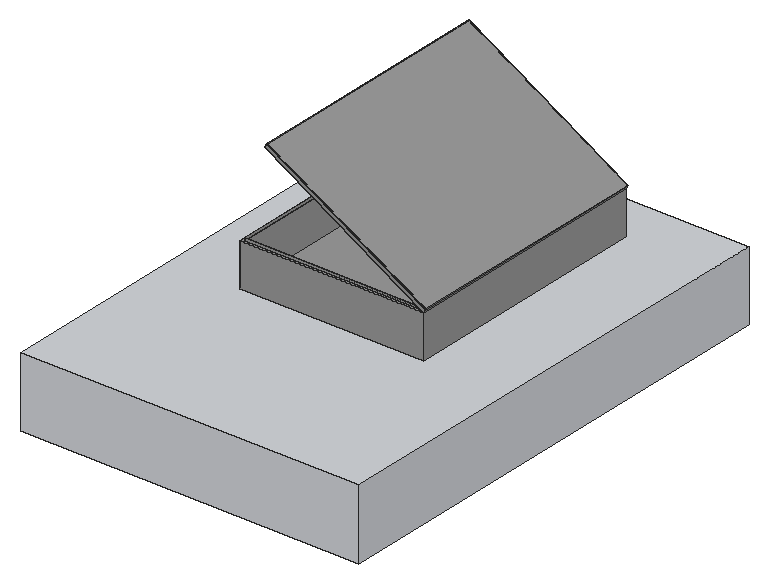
Revit family "Hager-Univers-IP44-D205-H1100-Cl.II-Encl-DE-de", category Equipement électrique, Revit 2020
Family settings
  Hôte = Face
  Configuration du panneau = Deux colonnes, circuits au sein
  Cote de connecteur circulaire = Utiliser le diamètre
  Type d'élément = Tableau de raccordement
  Couper avec des vides une fois chargée = Non
  Partagée = Non
  Point de calcul de pièce = Non
Parameters (values of type "Aufputz IP44 B800 H1100 T205  - FP73SN2")
  Width Control [instance] = if([EF000008 - Breite] > Min Width, [EF000008 - Breite], Min Width)  # 800 mm
  Commentaires du type = [HG000003 - Bereich]  # "Univers"
  Thickness Door [instance] = if([EF009171 - Materialstärke Tür/Deckel] > 3 mm, 3 mm, [EF009171 - Materialstärke Tür/Deckel])  # 1 mm
  Seal Frame Offset [instance] = 17 mm  # constant formula
  Plinth Visibility [instance] = [HG000027 - Sockelhöhe] > 0 mm  # no
  Model = ""
  Min Width [instance] = 100 mm  # constant formula
  Min Height [instance] = 100 mm  # constant formula
  Min Depth [instance] = (2 * [EF009170 - Materialstärke Gehäuse]) + 1 mm  # 3 mm
  Internal Frame Depth [instance] = (Door System Depth * 0.5)  # 9 mm
  Height Control [instance] = if([EF000040 - Höhe] > Min Height, [EF000040 - Höhe], Min Height)  # 1100 mm
  HG000027 - Sockelhöhe = 0 mm
  HG000026 - Stehend auf dem Boden = no
  HG000024 - Höhe des unteren Teils = 800 mm
  HG000023 - Gehäuse mit doppeltem Querschnitt = no
  HG000016 - 3D-Türsichtbarkeit [instance] = yes
  HG000015 - Sichtbarkeit der Türöffnung [instance] = no
  HG000014 - Tür rechts [instance] = yes
  HG000013 - Tür links [instance] = not([HG000014 - Tür rechts])  # no
  HG000012 - Türschwenkwinkel [instance] = 30.00°
  HG000010 - Asymmetrische Türen = no
  HG000009 - Doppelflügeligen Tür = no
  HG000006 - Unterputz = no
  HG000004 - Herstellerreferenz = "FP73SN2"
  HG000003 - Bereich = "Univers"
  HG000002 - Mit tür = yes
  Frame Offset Bottom [instance] = 10 mm  # constant formula
  Frame Offset [instance] = 15 mm  # constant formula
  EF015940 - Deckel mit Überdruckentlastung = no
  EF011959 - Schutzart (NEMA) = ""
  EF009554 - Anzahl der Öffnungen für Flanschplatten = 6
  Fabricant = "Hager"  # constant formula
  EF009212 - Ausführung Deckel = "EV000116 - geschlossen"
  EF009171 - Materialstärke Tür/Deckel = 1 mm
  EF009170 - Materialstärke Gehäuse = 1 mm
  EF008873 - Nennstrom (In) = 250 A
  EF007800 - Geeignet für Blitzschutz = no
  EF006306 - Mit Schloss = no
  EF006244 - Transparenter Deckel/Tür = no
  EF005474 - Schutzart (IP) = "EV006418 - IP44"
  EF004464 - Art der Tür = "EV002646 - Einzel"
  EF004427 - Anzahl der Module = 252
  EF004293 - Schlagfestigkeit = "EV006815 - IK09"
  EF003532 - Geeignet für Außengebrauch = no
  EF002950 - Breite in Teilungseinheiten = 36
  EF001613 - Funktionserhalt = "EV000494 - ohne"
  EF001596 - Werkstoff des Gehäuses = "EV000179 - Stahl"
  EF001131 - Innentiefe = 143 mm
  EF001088 - Anbaumöglichkeit = yes
  EF000437 - Anzahl der Leitungseinführungen = 6
  EF000339 - Art der Abdeckung = "EV001012 - Deckel"
  EF000266 - Anzahl der Reihen = 7
  EF000218 - Einbautiefe = 205 mm
  EF000118 - Mit Montageplatte = no
  EF000116 - RAL-Nummer = "9010"
  EF000049 - Tiefe = 205 mm
  EF000040 - Höhe = 1100 mm
  EF000008 - Breite = 800 mm
  EF000007 - Farbe = "EV000202 - weiß"
  EF000003 - Montageart = "EV000384 - Aufputz"
  Door System Leaf Tolerance [instance] = 1.5 mm  # constant formula
  Door System Depth [instance] = 18 mm  # constant formula
  Door Height [instance] = Height Control - [HG000027 - Sockelhöhe]  # 1100 mm
  Depth Control [instance] = if([EF000049 - Tiefe] > Min Depth, [EF000049 - Tiefe], Min Depth)  # 205 mm
  Default Elevation = 0 mm
  Connector Offset [instance] = Height Control / 2  # 550 mm
  Bottom Top Plate Trim [instance] = 1.5 mm  # constant formula
  Plinth height Ctrl [instance] = if([HG000027 - Sockelhöhe] > 0 mm, [HG000027 - Sockelhöhe], 12 mm)  # 12 mm
Types (5, lengths in mm): name | Width Control | HG000010 - Asymmetrische Türen | HG000009 - Doppelflügeligen Tür | HG000004 - Herstellerreferenz | EF009554 - Anzahl der Öffnungen für Flanschplatten | EF004464 - Art der Tür | EF004427 - Anzahl der Module | EF002950 - Breite in Teilungseinheiten | EF000437 - Anzahl der Leitungseinführungen | EF000008 - Breite
  Aufputz IP44 B1050 H1100 T205  - FP74SN2 | 1050 | no | yes | "FP74SN2" | 8 | "EV003602 - Doppel" | 336 | 48 | 8 | 1050
  Aufputz IP44 B1300 H1100 T205  - FP75SN2 | 1300 | yes | yes | "FP75SN2" | 10 | "EV003602 - Doppel" | 420 | 60 | 10 | 1300
  Aufputz IP44 B300 H1100 T205  - FP71SN2 | 300 | no | no | "FP71SN2" | 2 | "EV002646 - Einzel" | 84 | 12 | 2 | 300
  Aufputz IP44 B550 H1100 T205  - FP72SN2 | 550 | no | no | "FP72SN2" | 4 | "EV002646 - Einzel" | 168 | 24 | 4 | 550
  Aufputz IP44 B800 H1100 T205  - FP73SN2 | 800 | no | no | "FP73SN2" | 6 | "EV002646 - Einzel" | 252 | 36 | 6 | 800
Reference planes
  plane 1 "Center (Front/Back)": y = 0
  plane 2: z = 0
  plane 3 "Center (Left/Right)": x = 0
  plane 4: z = 205
  plane 5: y = 1
  plane 6: y = 550
  plane 7: y = 0
  plane 8: y = 1100
  plane 9: z = 0
  plane 10: x = -385
  plane 11: x = 385
  plane 12: x = 384
  plane 13: x = -384
  plane 14: y = 1099
  plane 15: x = -383
  plane 16: x = -400
  plane 17: x = 383
  plane 18: x = 400
  plane 19: x = 399
  plane 20: x = -399
  plane 21: y = 11
  plane 22: y = 1100
  plane 23: y = 1084
  plane 24: z = 187
  plane 25: z = 1
  plane 26: z = 186
  plane 27: z = 204
Forms (mm)
  Extrusion 1, solid
    sketch origin (0, 0, 0) x (1, 0, 0) y (0, 1, 0)
      loop
        line (-702.964, 1305) -> (-702.964, -811.445) -> (766.763, -811.445) -> (766.763, 1305) -> (-702.964, 1305)
    from 0 to -304.8
  Extrusion 2, solid, material "Hager_Steel_RAL7035_Light_Grey", visible <- "Plinth Visibility", detail levels medium+fine
    sketch origin (0, 0, 0) x (1, 0, 0) y (0, 1, 0)
      loop
        line (-400, 0) -> (400, 0) -> (400, 12) -> (-400, 12) -> (-400, 0)
    from 0 to 187
  Extrusion 3, solid, material "Hager_Steel_RAL7035_Light_Grey", detail levels medium+fine
    sketch origin (0, 0, 0) x (1, 0, 0) y (0, 1, 0)
      loop
        line (-400, 0) -> (400, 0) -> (400, 1100) -> (-400, 1100) -> (-400, 0)
    from 0 to 187
  Extrusion 4, void
    sketch origin (0, 0, 0) x (1, 0, 0) y (0, 1, 0)
      loop
        line (-399, 1) -> (399, 1) -> (399, 1099) -> (-399, 1099) -> (-399, 1)
    from 1 to 186
  Extrusion 5, void
    sketch origin (-381.607, -4572, 187) x (0, -1, 0) y (-1, 0, 0)
      loop
        line (-4583, 2.393) -> (-5656, 2.393) -> (-5656, -765.607) -> (-4583, -765.607) -> (-4583, 2.393)
    from 0 to 1 <- "EF009170 - Materialstärke Gehäuse"
  Extrusion 6, solid, material "Hager_Steel_RAL7035_Light_Grey", detail levels fine
    sketch origin (0, 0, 187) x (1, 0, 0) y (0, 1, 0)
      loop
        line (-384, 1084) -> (-384, 11) -> (384, 11) -> (384, 1084) -> (-384, 1084)
      loop
        line (-385, 10) -> (385, 10) -> (385, 1085) -> (-385, 1085) -> (-385, 10)
    from 0 to 9 <- "Internal Frame Depth"
  Extrusion 7, solid, material "Hager_Steel_RAL7035_Light_Grey", detail levels coarse
    sketch origin (0, 0, 0) x (1, 0, 0) y (0, 1, 0)
      loop
        line (-400, 0) -> (400, 0) -> (400, 1100) -> (-400, 1100) -> (-400, 0)
    from 0 to 205
  Sweep 8, void
    path in 3D
      loop
        line (-400, 12, 0) -> (400, 12, 0) -> (400, 12, 187) -> (-400, 12, 187) -> (-400, 12, 0)
    profile origin (-400, 12, 93.5) x (-1, 0, 0) y (0, -1, 0)
      loop
        line (0, 0) -> (0, 1.5) -> (-1.5, 1.5)
        arc (-1.5, 1.5) -> (-1.061, 0.439) -> (0, 0) r 1.5
Cuts and joins
  Extrusion 4, Extrusion 5 cuts Extrusion 3
  Sweep 8 cuts Extrusion 2
Lines and regions (mm)
  Masking region 1
    outline origin (0, 0, 0) x (1, 0, 0) y (0, 0, 1)
      loop
        line (-400, 205) -> (-400, 0) -> (400, 0) -> (400, 205) -> (-400, 205)
  Masking region 2, detail levels medium+fine
    outline origin (0, 140, 0) x (0, 1, 0) y (0, 0, 1)
      loop
        line (-140, 0) -> (960, 0) -> (960, 187) -> (-140, 187) -> (-140, 0)
  Masking region 3, not visible, detail levels medium+fine
    outline origin (0, 297.922, 0) x (0, 1, 0) y (0, 0, 1)
      loop
        line (263.578, 0) -> (303.578, 0) -> (303.578, 194)
        arc (303.578, 194) -> (300.649, 201.071) -> (293.578, 204) r 10
        line (293.578, 204) -> (263.578, 204) -> (263.578, 0)
  Masking region 4, detail levels coarse
    outline origin (0, 0, 180) x (0, 1, 0) y (0, 0, 1)
      loop
        line (0, -180) -> (1100, -180) -> (1100, 25) -> (0, 25) -> (0, -180)
  Masking region 5, visible <- "Plinth Visibility", detail levels medium+fine
    outline origin (0, 52.24, 12.345) x (0, 0, -1) y (0, 1, 0)
      loop
        line (10.845, -40.24) -> (-173.155, -40.24)
        arc (-173.155, -40.24) -> (-173.594, -41.301) -> (-174.655, -41.74) r 1.5
        line (-174.655, -41.74) -> (-174.655, -52.24) -> (12.345, -52.24) -> (12.345, -41.74)
        arc (12.345, -41.74) -> (11.285, -41.301) -> (10.845, -40.24) r 1.5
  Masking region 6, detail levels medium+fine
    outline origin (-381.607, -4572, 187) x (-1, 0, 0) y (0, -1, 0)
      loop
        line (18.393, -5672) -> (18.393, -4572) -> (-781.607, -4572) -> (-781.607, -5672) -> (18.393, -5672)
  Masking region 7, visible <- "Plinth Visibility", detail levels medium+fine
    outline origin (-381.607, -4727, 187) x (-1, 0, 0) y (0, -1, 0)
      loop
        arc (16.893, -4739) -> (17.332, -4737.939) -> (18.393, -4737.5) r 1.5
        line (18.393, -4737.5) -> (18.393, -4727) -> (-781.607, -4727) -> (-781.607, -4737.5)
        arc (-781.607, -4737.5) -> (-780.546, -4737.939) -> (-780.107, -4739) r 1.5
        line (-780.107, -4739) -> (16.893, -4739)
  Masking region 8, detail levels coarse
    outline origin (-442.548, -4669.526, 187) x (-1, 0, 0) y (0, -1, 0)
      loop
        line (-42.548, -5769.526) -> (-42.548, -4669.526) -> (-842.548, -4669.526) -> (-842.548, -5769.526) -> (-42.548, -5769.526)
  sketch lines
    curve 1: line (-400, 12, 187) -> (-400, 12, 0)
    curve 2: line (400, 12, 187) -> (-400, 12, 187)
    curve 3: line (400, 12, 187) -> (400, 12, 0)
    curve 4: line (-400, 12, 0) -> (400, 12, 0)
Dimensions and locks
  "Depth Control": plane 4 to Extrusion 1
  "HG000027 - Sockelhöhe": plane 1 "Center (Front/Back)" to plane 7
  "EF009170 - Materialstärke Gehäuse": plane 5 to plane 7
  locked: connector elem to plane 3 "Center (Left/Right)"
  equal spacing: plane 8, plane 6, plane 7
  locked: connector elem to plane 6
  "EF009170 - Materialstärke Gehäuse": plane 8 to plane 14
  "EF009170 - Materialstärke Gehäuse": plane 10 to plane 13
  "EF009170 - Materialstärke Gehäuse": plane 12 to plane 11
  "Frame Offset": plane 20 to plane 13
  "Frame Offset": plane 12 to plane 19
  "EF009170 - Materialstärke Gehäuse": plane 16 to plane 20
  "EF009170 - Materialstärke Gehäuse": plane 19 to plane 18
  "Seal Frame Offset": plane 16 to plane 15
  "Seal Frame Offset": plane 17 to plane 18
  "Frame Offset Bottom": plane 21 to plane 5
  "Frame Offset": plane 14 to plane 23
  equal spacing: plane 16, plane 3 "Center (Left/Right)", plane 18
  "Width Control": plane 16 to plane 18
  "EF009170 - Materialstärke Gehäuse": plane 4 to plane 27
  "EF009170 - Materialstärke Gehäuse": plane 24 to plane 26
  "EF009170 - Materialstärke Gehäuse": plane 25 to level
  "Door System Depth": plane 4 to plane 24
  "Height Control": plane 1 "Center (Front/Back)" to Extrusion 7 sketch curve
  "Height Control": Masking region 4 sketch curve to plane 1 "Center (Front/Back)"
  "Height Control": plane 1 "Center (Front/Back)" to plane 22
  "Bottom Top Plate Trim": profile plane to Sweep 8 sketch curve
  "Bottom Top Plate Trim": Sweep 8 sketch curve to profile plane
  "Plinth height Ctrl": plane 1 "Center (Front/Back)" to Extrusion 2 sketch curve
  "Plinth height Ctrl": Masking region 5 sketch curve to plane 1 "Center (Front/Back)"
  "Plinth height Ctrl": plane 1 "Center (Front/Back)" to Masking region 7 sketch curve
  "Thickness Door": Extrusion 6 sketch curve to Extrusion 6 sketch curve  (x3)
  "Thickness Door": cut or joined group of Extrusion 3, Extrusion 4, Extrusion 5 to Extrusion 6 sketch curve
  radius of Masking region 3 sketch curve = 10 mm
  "Bottom Top Plate Trim": radius of Masking region 5 sketch curve  (x2)
  "Bottom Top Plate Trim": radius of Sweep 8 sketch curve
  "Bottom Top Plate Trim": radius of Masking region 7 sketch curve  (x2)
  aligned and locked: plane 2 to Extrusion 1
  aligned and locked: level to Extrusion 1
  aligned and locked: level to Masking region 1 sketch curve
  aligned and locked: Masking region 1 sketch curve to plane 18
  aligned and locked: Masking region 1 sketch curve to plane 16
  aligned and locked: plane 7 to Masking region 2 sketch curve
  aligned and locked: level to Masking region 3 sketch curve
  aligned and locked: Masking region 3 sketch curve to plane 27
  aligned and locked: level to Masking region 2 sketch curve
  aligned and locked: plane 1 "Center (Front/Back)" to Extrusion 2 sketch curve
  aligned and locked: Extrusion 3 sketch curve to plane 7
  aligned and locked: plane 16 to Extrusion 3 sketch curve
  aligned and locked: plane 18 to Extrusion 3 sketch curve
  aligned and locked: plane 20 to Extrusion 4 sketch curve
  aligned and locked: plane 19 to Extrusion 4 sketch curve
  aligned and locked: Extrusion 4 sketch curve to plane 5
  aligned and locked: Extrusion 4 to plane 25
  aligned and locked: plane 26 to Extrusion 4
  aligned and locked: plane 24 to Extrusion 3
  aligned and locked: Extrusion 5 sketch curve to plane 21
  aligned and locked: Extrusion 5 sketch curve to plane 13
  aligned and locked: Extrusion 5 sketch curve to plane 12
  aligned and locked: plane 18 to Extrusion 7 sketch curve
  aligned and locked: plane 1 "Center (Front/Back)" to Extrusion 7 sketch curve
  aligned and locked: plane 16 to Extrusion 7 sketch curve
  aligned and locked: plane 4 to Extrusion 7
  aligned and locked: Extrusion 7 to level
  aligned and locked: level to Masking region 4 sketch curve
  aligned and locked: Masking region 4 sketch curve to plane 1 "Center (Front/Back)"
  aligned and locked: Masking region 4 sketch curve to plane 4
  aligned and locked: nested 1 to level
  aligned and locked: nested 1 to plane 16
  aligned and locked: plane 8 to Extrusion 3 sketch curve
  aligned and locked: plane 23 to Extrusion 5 sketch curve
  aligned and locked: plane 14 to Extrusion 4 sketch curve
  aligned and locked: Masking region 2 sketch curve to plane 8
  aligned and locked: level to Masking region 5 sketch curve
  aligned and locked: plane 16 to Extrusion 2 sketch curve
  aligned and locked: plane 18 to Extrusion 2 sketch curve
  aligned and locked: Masking region 5 sketch curve to plane 24
  aligned and locked: Masking region 2 sketch curve to plane 24
  aligned and locked: plane 24 to Extrusion 2
  aligned and locked: profile plane to Sweep 8 sketch curve  (x2)
  aligned and locked: Masking region 6 sketch curve to plane 18
  aligned and locked: Masking region 6 sketch curve to plane 22
  aligned and locked: Masking region 6 sketch curve to plane 16
  aligned and locked: plane 8 to plane 22
  aligned and locked: Masking region 6 sketch curve to plane 7
  aligned and locked: Masking region 7 sketch curve to plane 16
  aligned and locked: Masking region 7 sketch curve to plane 1 "Center (Front/Back)"
  aligned and locked: Masking region 7 sketch curve to plane 18
  aligned and locked: Masking region 8 sketch curve to plane 1 "Center (Front/Back)"
  aligned and locked: Masking region 8 sketch curve to plane 18
  aligned and locked: Masking region 8 sketch curve to plane 22
  aligned and locked: Masking region 8 sketch curve to plane 16
  aligned and locked: nested 2 to plane 7
  aligned and locked: plane 3 "Center (Left/Right)" to nested 2
  aligned and locked: nested 2 to plane 24
  aligned and locked: Extrusion 6 sketch curve to cut or joined group of Extrusion 3, Extrusion 4, Extrusion 5  (x4)
Automatic sketch dimensions
  Extrusion 1 sketch curve to Extrusion 1 sketch curve = 1469.727 mm
  Extrusion 1 sketch curve to Extrusion 1 sketch curve = 2116.445 mm
  Masking region 1 sketch curve to plane 4 = 0 mm
  plane 6 to Masking region 3 sketch curve = 11.5 mm
  Masking region 3 sketch curve to Masking region 3 sketch curve = 30 mm
  Masking region 5 sketch curve to plane 1 "Center (Front/Back)" = 0 mm
Nested families
  nested 1: "Hager_Enclosure_Symbol" at (-400, 0, 0) x (1, 0, 0) z (0, -1, 0), Height <- "Depth Control", Width <- "Width Control", type "Hager_Enclosure_Symbol"
    with Width_Ctrl 800 mm, Width 800 mm, Height_Ctrl 205 mm, Height 205 mm, A_Width_Int 13.453 mm, A_Width 161.438 mm, A_Height_Ctrl 179.375 mm, A_Height 179.375 mm
  nested 2: "EC000058_Univers_Door" at (0, 0, 187) x (1, 0, 0) z (0, 1, 0), Leaf_Tolerance <- "Door System Leaf Tolerance", Angle <- "HG000012 - Türschwenkwinkel", Door_Depth <- "Door System Depth", Door_Left <- "HG000013 - Tür links", Transparent <- "EF006244 - Transparenter Deckel/Tür", Assymetrical <- "HG000010 - Asymmetrische Türen", Width <- "Width Control", Clearance <- "HG000015 - Sichtbarkeit der Türöffnung", Double <- "HG000009 - Doppelflügeligen Tür", 3d_Door <- "HG000016 - 3D-Türsichtbarkeit", Lock_Visibility <- "EF006306 - Mit Schloss", Width_Ctrl <- "Width Control", Door_Right <- "HG000014 - Tür rechts", Door <- "HG000002 - Mit tür", Height <- "Door Height", Thickness <- "Thickness Door", type "EC000058_Univers_Door", detail levels medium+fine
    with min_wh 3 mm, Width_Ctrl 800 mm, Width 800 mm, Transparent no, Thickness 1 mm, Seal_Material Hager_Rubber, Lock_Visibility no, Lock_Material Hager_Plastic_RAL9005_Jet_Black, Leaf_Width 800 mm, Leaf_Tolerance_External_Sides 0 mm, Leaf_Tolerance 1.5 mm, Leaf_Offset 0 mm, Leaf_Height 1097 mm, Leaf_2_Width 800 mm, Leaf_2_Offset 400 mm, Leaf_1_Width 800 mm, Leaf_1_Offset 400 mm, Height_Ctrl 1100 mm, Height 1100 mm, Glass_Material Hager_Glass, Double_Clearance_Ctrl no, Double no, Door_Right_Ctrl yes, Door_Right yes, Door_Material Hager_Steel_RAL7035_Light_Grey, Door_Left_Ctrl no, Door_Left no, Door_Depth 18 mm, Door yes, Clearance_Material Hager_Clearance, Clearance_Depth 800 mm, Clearance_Ctrl no, Clearance no, Assymetrical no, Angle 30.00°, 3d_Door yes
Connectors
  electrical at (0, 550, 0)
    settings: on plane 9, index 1, voltage 0 V, apparent load 0 VA, apparent load phase1 0 VA, apparent load phase2 0 VA, apparent load phase3 0 VA, power factor 1, load classification "Other", number of poles 1, system type 30, power factor state 1, is connector primary yes, connector utility no, sub classification motor no, connector description ""
Definition of nested family "EC000058_Univers_Door"
  Parameters (values of type "EC000058_Univers_Door")
    min_wh [instance] = (2 * Thickness) + 1 mm  # 11 mm
    Width_Ctrl [instance] = 400 mm
    Width [instance] = 500 mm
    Transparent [instance] = yes
    Thickness [instance] = 5 mm
    Seal_Material [instance] = none
    Lock_Visibility [instance] = yes
    Lock_Material [instance] = none
    Leaf_Width [instance] = if((Width_Ctrl - 2 * Leaf_Tolerance_External_Sides) > 0 mm, (Width_Ctrl - 2 * Leaf_Tolerance_External_Sides), min_wh)  # 400 mm
    Leaf_Tolerance_External_Sides [instance] = 0 mm  # constant formula
    Leaf_Tolerance [instance] = 1.5 mm
    Leaf_Offset [instance] = 0 mm  # constant formula
    Leaf_Height [instance] = if((Height_Ctrl - 2 * Leaf_Tolerance) > 0 mm, (Height_Ctrl - 2 * Leaf_Tolerance), min_wh)  # 497 mm
    Leaf_2_Width [instance] = if(and(and(Double, Assymetrical), Door_Left), (Leaf_Width / 3) - (Leaf_Tolerance / 2), if(and(and(Double, Assymetrical), Door_Right), (Leaf_Width / 3) * 2 - (Leaf_Tolerance / 2), if(and(Double, not(Assymetrical)), (Leaf_Width / 2) - Leaf_Tolerance, Leaf_Width)))  # 400 mm
    Leaf_2_Offset [instance] = if(and(Double, Assymetrical), Leaf_2_Width / 2, if(and(Double, not(Assymetrical)), Leaf_Width / 4, Leaf_Width / 2))  # 200 mm
    Leaf_1_Width [instance] = if(and(and(Double, Assymetrical), Door_Right), (Leaf_Width / 3) - (Leaf_Tolerance / 2), if(and(and(Double, Assymetrical), Door_Left), (Width / 3) * 2 - (Leaf_Tolerance / 2), if(and(Double, not(Assymetrical)), (Leaf_Width / 2) - Leaf_Tolerance, Leaf_Width)))  # 400 mm
    Leaf_1_Offset [instance] = if(and(Double, Assymetrical), Leaf_1_Width / 2, if(and(Double, not(Assymetrical)), Leaf_Width / 4, Leaf_Width / 2))  # 200 mm
    Height_Ctrl [instance] = if(Height > min_wh, Height, min_wh)  # 500 mm
    Height [instance] = 500 mm
    Glass_Material [instance] = none
    Double_Clearance_Ctrl [instance] = and(Double, Clearance)  # no
    Double [instance] = no
    Door_Right_Ctrl [instance] = and(or(Door_Right, Double), Door)  # yes
    Door_Right [instance] = yes
    Door_Material [instance] = none
    Door_Left_Ctrl [instance] = and(or(Door_Left, Double), Door)  # no
    Door_Left [instance] = no
    Door_Depth [instance] = 30 mm
    Door [instance] = yes
    Default Elevation = 1219.2 mm
    Clearance_Material [instance] = none
    Clearance_Depth [instance] = if(Leaf_1_Width > Leaf_2_Width, Leaf_1_Width, Leaf_2_Width)  # 400 mm
    Clearance_Ctrl [instance] = and(not(Double), Clearance)  # yes
    Clearance [instance] = yes
    Assymetrical [instance] = yes
    Angle [instance] = 30.00°
    3d_Door [instance] = yes
  Reference planes
    plane 1 "Center (Front/Back)": y = 0
    plane 2 "Bottom": z = 0
    plane 3 "Center (Left/Right)": x = 0
    plane 4: z = 500
    plane 5: x = -200
    plane 6: x = 200
    plane 7: z = 500
    plane 8: x = -200
    plane 9: z = 0
    plane 10: x = 200
    plane 11: y = 0
    plane 12: z = 1.5
    plane 13: x = -600
    plane 14: y = -400
    plane 15: x = 600
    plane 16: x = 0
    plane 17: x = 0
    plane 18: x = -200
    plane 19: x = 200
    plane 20: z = 498.5
  Forms (mm)
    Extrusion 1, solid, material <- "Clearance_Material", visible <- "Double_Clearance_Ctrl"
      sketch origin (1200, 0, 0) x (1, 0, 0) y (0, 0, -1)
        loop
          line (-1800, -498.5) -> (-600, -498.5) -> (-600, 0) -> (-1800, 0) -> (-1800, -498.5)
      from 0 to -400
  Dimensions and locks
    equal spacing: plane 5, plane 3 "Center (Left/Right)", plane 6
    "Width_Ctrl": plane 5 to plane 6
    "Leaf_Offset": plane 5 to plane 8
    "Leaf_Offset": plane 6 to plane 10
    "Leaf_Offset": plane 9 to level
    "Leaf_Offset": plane 4 to plane 7
    "Height_Ctrl": plane 4 to level
    "Leaf_Tolerance": plane 12 to plane 9
    locked: plane 11 to plane 1 "Center (Front/Back)"
    "Leaf_1_Offset": plane 18 to plane 16
    "Leaf_2_Offset": plane 17 to plane 19
    "Leaf_1_Width": plane 13 to plane 8
    "Leaf_2_Width": plane 10 to plane 15
    "Clearance_Depth": plane 14 to plane 1 "Center (Front/Back)"
    "Leaf_Tolerance_External_Sides": plane 8 to plane 18
    "Leaf_Tolerance_External_Sides": plane 19 to plane 10
    "Leaf_Tolerance": plane 7 to plane 20
    aligned and locked: level to plane 2 "Bottom"
    aligned and locked: nested 1 to plane 16
    aligned and locked: nested 2 to plane 17
    aligned and locked: Extrusion 1 to plane 13
    aligned and locked: plane 15 to Extrusion 1
    aligned and locked: Extrusion 1 to plane 14
    aligned and locked: plane 12 to nested 1
    aligned and locked: nested 2 to plane 12
    aligned and locked: Extrusion 1 to plane 11
    aligned and locked: plane 20 to Extrusion 1
    aligned and locked: nested 2 to plane 11
    aligned and locked: nested 1 to plane 11
  Automatic sketch dimensions
    Extrusion 1 sketch curve to level = 0 mm
    plane 5 to Extrusion 1 sketch curve = 400 mm
    plane 6 to Extrusion 1 sketch curve = 400 mm
    Extrusion 1 sketch curve to plane 4 = 1.5 mm
  Nested families
    nested 1: "EC000058_Univers_Door_Leaf" at (0, 0, 1.5), Width <- "Leaf_1_Width", visible <- "Door_Left_Ctrl", Leaf_Height <- "Leaf_Height", Angle <- "Angle", 3d_Door <- "3d_Door", Transparent <- "Transparent", Clearance Material <- "Clearance_Material", Clearance <- "Clearance_Ctrl", Door_Material <- "Door_Material", Glass_Material <- "Glass_Material", Door_Depth <- "Door_Depth", Lock_Material <- "Lock_Material", Seal_Material <- "Seal_Material", Lock_Visibility <- "Lock_Visibility", Thickness <- "Thickness", type "EC000058_Univers_Door_Leaf"
      with Width 400 mm, Transparent_Glass_Offset 30 mm, Transparent_Ctrl yes, Transparent yes, Thickness 5 mm, Standard no, Seal_Material none, Seal_D2 8 mm, Seal_D1 1 mm, Offset_Internal_Frame 10 mm, Lock_Width 20 mm, Lock_Visibility_3d yes, Lock_Visibility yes, Lock_Thickness_3 3 mm, Lock_Thickness_2 1 mm, Lock_Thickness_1 3 mm, Lock_Radius_Offset_2 16 mm, Lock_Radius_Offset_1 15 mm, Lock_Radius_2 5 mm, Lock_Radius 6 mm, Lock_Offset 5 mm, Lock_Material none, Lock_Height 80 mm, Lock_Cover_Top_Offset_2d 17 mm, Lock_Cover_Height -65 mm, Leaf_Height 497 mm, Internal_Seal_Thickness 8 mm, Internal_Seal_Depth_2 4.5 mm, Internal_Frame_Depth 25 mm, Glass_Thickness -1 mm, Glass_Offset -2 mm, Glass_Material none, Door_Material none, Door_Depth 30 mm, Clearance Material none, Clearance yes, Angle_Ctrl 30.00°, Angle 30.00°, 3d_Door yes
    nested 2: "EC000058_Univers_Door_Leaf" at (0, 0, 1.5) x (-1, 0, 0) z (0, 0, 1), Width <- "Leaf_2_Width", visible <- "Door_Right_Ctrl", Leaf_Height <- "Leaf_Height", Angle <- "Angle", 3d_Door <- "3d_Door", Transparent <- "Transparent", Clearance Material <- "Clearance_Material", Clearance <- "Clearance_Ctrl", Door_Material <- "Door_Material", Glass_Material <- "Glass_Material", Door_Depth <- "Door_Depth", Lock_Material <- "Lock_Material", Seal_Material <- "Seal_Material", Lock_Visibility <- "Lock_Visibility", Thickness <- "Thickness", type "EC000058_Univers_Door_Leaf"
      with Width 400 mm, Transparent_Glass_Offset 30 mm, Transparent_Ctrl yes, Transparent yes, Thickness 5 mm, Standard no, Seal_Material none, Seal_D2 8 mm, Seal_D1 1 mm, Offset_Internal_Frame 10 mm, Lock_Width 20 mm, Lock_Visibility_3d yes, Lock_Visibility yes, Lock_Thickness_3 3 mm, Lock_Thickness_2 1 mm, Lock_Thickness_1 3 mm, Lock_Radius_Offset_2 16 mm, Lock_Radius_Offset_1 15 mm, Lock_Radius_2 5 mm, Lock_Radius 6 mm, Lock_Offset 5 mm, Lock_Material none, Lock_Height 80 mm, Lock_Cover_Top_Offset_2d 17 mm, Lock_Cover_Height -65 mm, Leaf_Height 497 mm, Internal_Seal_Thickness 8 mm, Internal_Seal_Depth_2 4.5 mm, Internal_Frame_Depth 25 mm, Glass_Thickness -1 mm, Glass_Offset -2 mm, Glass_Material none, Door_Material none, Door_Depth 30 mm, Clearance Material none, Clearance yes, Angle_Ctrl 30.00°, Angle 30.00°, 3d_Door yes
  Definition of nested family "EC000058_Univers_Door_Leaf"
    Parameters (values of type "EC000058_Univers_Door_Leaf")
      Width [instance] = 2000 mm
      Transparent_Glass_Offset [instance] = 30 mm
      Transparent_Ctrl [instance] = and(Transparent, [3d_Door])  # yes
      Transparent [instance] = yes
      Thickness [instance] = 5 mm
      Standard [instance] = and(not(Transparent), [3d_Door])  # no
      Seal_Material [instance] = none
      Seal_D2 [instance] = 8 mm  # constant formula
      Seal_D1 [instance] = 1 mm  # constant formula
      Offset_Internal_Frame [instance] = 10 mm  # constant formula
      Lock_Width [instance] = 20 mm  # constant formula
      Lock_Visibility_3d [instance] = and(Lock_Visibility, [3d_Door])  # yes
      Lock_Visibility [instance] = yes
      Lock_Thickness_3 [instance] = 3 mm  # constant formula
      Lock_Thickness_2 [instance] = 1 mm  # constant formula
      Lock_Thickness_1 [instance] = 3 mm  # constant formula
      Lock_Radius_Offset_2 [instance] = Lock_Radius_Offset_1 + 1 mm  # 16 mm
      Lock_Radius_Offset_1 [instance] = 15 mm  # constant formula
      Lock_Radius_2 [instance] = Lock_Radius - 1 mm  # 5 mm
      Lock_Radius [instance] = 6 mm  # constant formula
      Lock_Offset [instance] = 5 mm  # constant formula
      Lock_Material [instance] = none
      Lock_Height [instance] = 80 mm  # constant formula
      Lock_Cover_Top_Offset_2d [instance] = Lock_Radius_Offset_2 + 1 mm  # 17 mm
      Lock_Cover_Height [instance] = -(Lock_Height - Lock_Radius_Offset_1)  # -65 mm
      Leaf_Height [instance] = 2720.336 mm
      Internal_Seal_Thickness [instance] = 8 mm  # constant formula
      Internal_Seal_Depth_2 [instance] = 4.5 mm  # constant formula
      Internal_Frame_Depth [instance] = if(Door_Depth - Thickness > 5 mm, Door_Depth - Thickness, 5 mm)  # 25 mm
      Glass_Thickness [instance] = if(Thickness > 15 mm, Glass_Offset + 10 mm, -1 mm)  # -1 mm
      Glass_Offset [instance] = if(Thickness > 15 mm, -(Thickness + 10 mm) / 2, -2 mm)  # -2 mm
      Glass_Material [instance] = none
      Door_Material [instance] = none
      Door_Depth [instance] = 30 mm
      Default Elevation = 0 mm
      Clearance Material [instance] = none
      Clearance [instance] = yes
      Angle_Ctrl [instance] = if(Angle > 180.00°, 180.00°, Angle)  # 90.00°
      Angle [instance] = 90.00°
      3d_Door [instance] = yes
    Reference planes
      plane 1 "Center (Front/Back)": y = 0
      plane 2: z = 0
      plane 3 "Center (Left/Right)": x = 0
      plane 4: y = 2000
      plane 5: x = -1000
      plane 6: x = 1000
      plane 7: x = -3000
      plane 8: z = 2720.336
      plane 9: z = 30
      plane 10: z = 2690.336
      plane 11: x = 970
      plane 12: x = -970
      plane 13: y = -3
      plane 14: z = 107.833
      plane 15: y = -5
      plane 16: y = -223.314
      plane 17: x = -1000
      plane 18: z = 1360.168
      plane 19: y = 30
    Forms (mm)
      Extrusion 1, solid, material <- "Clearance Material", visible <- "Clearance"
        sketch origin (0, 0, 0) x (1, 0, 0) y (0, 0, 1)
          loop
            line (-3000, 2720.336) -> (-3000, 0) -> (1000, 0) -> (1000, 2720.336) -> (-3000, 2720.336)
        from 0 to -2000
      Extrusion 2, solid, material <- "Door_Material", visible <- "Standard", detail levels medium+fine
        sketch origin (-1000, 0, 0) x (0, 1, 0) y (-1, 0, 0)
          loop
            line (0, 30) -> (0, 25) -> (2000, 25) -> (2000, 30) -> (0, 30)
        from 0 to 2720.336 <- "Leaf_Height"
      Extrusion 3, solid, material <- "Door_Material", visible <- "Transparent_Ctrl", detail levels medium+fine
        sketch origin (-1000, 0, 0) x (0, 1, 0) y (-1, 0, 0)
          loop
            line (0, 25) -> (2000, 25) -> (2000, 30) -> (0, 30) -> (0, 25)
        from 0 to 2720.336 <- "Leaf_Height"
      Extrusion 4, void
        sketch origin (-1025, 2000, 0) x (0, 1, 0) y (0, 0, -1)
          loop
            line (-30, -2690.336) -> (-30, -30) -> (-1970, -30) -> (-1970, -2690.336) -> (-30, -2690.336)
        from 0 to 5 <- "Thickness"
      Sweep 5, solid, material <- "Seal_Material", visible <- "Transparent_Ctrl", detail levels fine
        path in 3D
          loop
            line (-1025, 30, 30) -> (-1025, 30, 2690.336) -> (-1025, 1970, 2690.336) -> (-1025, 1970, 30) -> (-1025, 30, 30)
        profile origin (-1025, 1000, 30) x (1, 0, 0) y (0, 0, 1)
          loop
            line (0, 0) -> (0, -8) -> (1, -8) -> (1, 0) -> (0, 0)
      Extrusion 6, solid, material <- "Glass_Material", visible <- "Transparent_Ctrl", detail levels medium+fine
        sketch origin (-1030, 0, 0) x (0, 1, 0) y (0, 0, -1)
          loop
            line (1970, -2690.336) -> (1970, -30) -> (30, -30) -> (30, -2690.336) -> (1970, -2690.336)
        from -2 <- "Glass_Offset" to -1 <- "Glass_Thickness"
      Extrusion 7, solid, material <- "Door_Material", visible <- "3d_Door", detail levels medium+fine
        sketch origin (-1025, 2000, 0) x (0, -1, 0) y (0, 0, -1)
          loop
            line (0, -2720.336) -> (2000, -2720.336) -> (2000, 0) -> (0, 0) -> (0, -2720.336)
          loop
            line (1995, -5) -> (5, -5) -> (5, -2715.336) -> (1995, -2715.336) -> (1995, -5)
        from 0 to 25 <- "Internal_Frame_Depth"
      Sweep 8, solid, material <- "Seal_Material", visible <- "Transparent_Ctrl", detail levels fine
        path in 3D
          loop
            line (-1025, 0, 0) -> (-1025, 2000, 0) -> (-1025, 2000, 2720.336) -> (-1025, 0, 2720.336) -> (-1025, 0, 0)
        profile origin (-1025, 0, 1360.168) x (1, 0, 0) y (0, 1, 0)
          loop
            line (0, 10) -> (2.975, 10)
            arc (2.975, 10) -> (4.053, 10.447) -> (4.5, 11.525) r 1.525
            line (4.5, 11.525) -> (4.5, 16.527)
            arc (4.5, 16.527) -> (4.069, 17.569) -> (3.027, 18) r 1.473
            line (3.027, 18) -> (0, 18) -> (0, 10)
      Extrusion 9, solid, material <- "Lock_Material", visible <- "Lock_Visibility_3d", detail levels fine
        sketch origin (-1030, 0, 0) x (0, 1, 0) y (0, 0, -1)
          loop
            arc (1993.5, -1400.168) -> (1994.561, -1399.729) -> (1995, -1398.668) r 1.5
            line (1995, -1398.668) -> (1995, -1320.168) -> (1975, -1320.168) -> (1975, -1398.668)
            arc (1975, -1398.668) -> (1975.439, -1399.729) -> (1976.5, -1400.168) r 1.5
            line (1976.5, -1400.168) -> (1993.5, -1400.168)
        from 3 <- "Lock_Thickness_1" to 0
      Blend 10, solid, material <- "Lock_Material", visible <- "Lock_Visibility_3d", detail levels fine
        base sketch origin (-1033, 0, 0) x (0, 1, 0) y (0, 0, -1)
          loop
            line (1975, -1320.168) -> (1975, -1398.668)
            arc (1975, -1398.668) -> (1975.439, -1399.729) -> (1976.5, -1400.168) r 1.5
            line (1976.5, -1400.168) -> (1993.5, -1400.168)
            arc (1993.5, -1400.168) -> (1994.561, -1399.729) -> (1995, -1398.668) r 1.5
            line (1995, -1398.668) -> (1995, -1320.168) -> (1975, -1320.168)
        top sketch origin (-1033, 0, 0) x (0, 1, 0) y (0, 0, -1)
          loop
            line (1976, -1320.168) -> (1976, -1398.668)
            arc (1976, -1398.668) -> (1976.146, -1399.022) -> (1976.5, -1399.168) r 0.5
            line (1976.5, -1399.168) -> (1993.5, -1399.168)
            arc (1993.5, -1399.168) -> (1993.854, -1399.022) -> (1994, -1398.668) r 0.5
            line (1994, -1398.668) -> (1994, -1320.168) -> (1976, -1320.168)
        from 0 to 1 <- "Lock_Thickness_2"
      Blend 11, solid, material <- "Lock_Material", visible <- "Lock_Visibility_3d", detail levels fine
        base sketch origin (-1034, 0, 0) x (0, 1, 0) y (0, 0, -1)
          loop
            line (1978, -1320.168) -> (1978, -1384.168)
            arc (1978, -1384.168) -> (1985, -1391.168) -> (1992, -1384.168) r 7
            line (1992, -1384.168) -> (1992, -1320.168) -> (1978, -1320.168)
        top sketch origin (-1034, 0, 0) x (0, 1, 0) y (0, 0, -1)
          loop
            line (1991, -1320.168) -> (1979, -1320.168) -> (1979, -1383.168)
            arc (1979, -1383.168) -> (1985, -1389.168) -> (1991, -1383.168) r 6
            line (1991, -1383.168) -> (1991, -1320.168)
        from 0 to 3 <- "Lock_Thickness_3"
      Extrusion 12, solid, material <- "Lock_Material", visible <- "Lock_Visibility_3d", detail levels fine
        sketch origin (-1030, 1975, 1320.168) x (1, 0, 0) y (0, -1, 0)
          loop
            line (-7, -19) -> (-7, -1) -> (0, -1) -> (0, 0) -> (-8, 0) -> (-8, -20) -> (0, -20) -> (0, -19) -> (-7, -19)
        from 0 to -65 <- "Lock_Cover_Height"
      Extrusion 13, void
        sketch origin (-1038, 1995, 1320.168) x (-1, 0, 0) y (0, 0, -1)
          loop
            line (-5, -65) -> (0, -65) -> (-5, -60) -> (-5, -65)
        from 0 to 20 <- "Lock_Width"
      Extrusion 14, void
        sketch origin (-1038, 1975, 1320.168) x (0, -1, 0) y (0, 0, -1)
          loop
            circle (-10, -15.995) r 6
          loop
            circle (-10, -15.995) r 5
        from 0 to 2
      Extrusion 15, solid, material <- "Lock_Material", visible <- "Lock_Visibility_3d", detail levels medium
        sketch origin (-1030, 0, 0) x (0, 1, 0) y (0, 0, -1)
          loop
            arc (1993.5, -1400.168) -> (1994.561, -1399.729) -> (1995, -1398.668) r 1.5
            line (1995, -1398.668) -> (1995, -1320.168) -> (1975, -1320.168) -> (1975, -1398.668)
            arc (1975, -1398.668) -> (1975.439, -1399.729) -> (1976.5, -1400.168) r 1.5
            line (1976.5, -1400.168) -> (1993.5, -1400.168)
        from 8 to 0
    Cuts and joins
      Extrusion 4 cuts Extrusion 3
      Extrusion 13, Extrusion 14 cuts Extrusion 9
      Extrusion 14 cuts Blend 11
      Extrusion 13, Extrusion 14 cuts Extrusion 12
      joined: Extrusion 9, Blend 10, Blend 11, Extrusion 12
      Extrusion 14 cuts Extrusion 15
    Lines and regions (mm)
      Masking region 1, visible <- "Lock_Visibility", detail levels fine
        outline origin (0, 0, 0) x (0, 1, 0) y (0, 0, 1)
          loop
            line (30, 1320.168) -> (33, 1320.168) -> (33, 1400.168) -> (30, 1400.168) -> (30, 1320.168)
      Masking region 2, visible <- "Lock_Visibility", detail levels fine
        outline origin (0, 3.143, 0) x (0, 1, 0) y (0, 0, 1)
          loop
            line (29.857, 1354.168) -> (30.857, 1354.168) -> (30.857, 1366.168) -> (29.857, 1366.168) -> (29.857, 1354.168)
      Masking region 3, detail levels medium+fine
        outline origin (0, 0, 0) x (0, 1, 0) y (0, 0, 1)
          loop
            line (0, 0) -> (30, 0) -> (30, 2720.336) -> (0, 2720.336) -> (0, 0)
      Masking region 4, detail levels medium+fine
        outline origin (0, 0, 0) x (1, 0, 0) y (0, 0, 1)
          loop
            line (-1000, 2720.336) -> (-1000, 0) -> (1000, 0) -> (1000, 2720.336) -> (-1000, 2720.336)
      Masking region 5, visible <- "Lock_Visibility", detail levels fine
        outline origin (-47.116, 0, 0) x (1, 0, 0) y (0, 0, 1)
          loop
            arc (1024.616, 1399.168) -> (1023.556, 1398.729) -> (1023.116, 1397.668) r 1.5
            line (1023.116, 1397.668) -> (1023.116, 1320.168) -> (1041.116, 1320.168) -> (1041.116, 1397.668)
            arc (1041.116, 1397.668) -> (1040.677, 1398.729) -> (1039.616, 1399.168) r 1.5
            line (1039.616, 1399.168) -> (1024.616, 1399.168)
      Masking region 6, visible <- "Lock_Visibility", detail levels medium+fine
        outline origin (-25, 0, 0) x (1, 0, 0) y (0, 0, 1)
          loop
            arc (1001.5, 1400.168) -> (1000.439, 1399.729) -> (1000, 1398.668) r 1.5
            line (1000, 1398.668) -> (1000, 1320.168) -> (1020, 1320.168) -> (1020, 1398.668)
            arc (1020, 1398.668) -> (1019.561, 1399.729) -> (1018.5, 1400.168) r 1.5
            line (1018.5, 1400.168) -> (1001.5, 1400.168)
      Masking region 7, visible <- "Lock_Visibility", detail levels fine
        outline origin (-73.735, 0, 0) x (1, 0, 0) y (0, 0, 1)
          loop
            line (1051.735, 1382.168) -> (1065.735, 1382.168) -> (1065.735, 1384.168)
            arc (1065.735, 1384.168) -> (1058.735, 1391.168) -> (1051.735, 1384.168) r 7
            line (1051.735, 1384.168) -> (1051.735, 1382.168)
      Masking region 8, visible <- "Lock_Visibility", detail levels fine
        outline origin (-73.735, 0, 0) x (1, 0, 0) y (0, 0, 1)
          loop
            line (1052.735, 1382.168) -> (1064.735, 1382.168) -> (1064.735, 1383.168)
            arc (1064.735, 1383.168) -> (1058.735, 1389.168) -> (1052.735, 1383.168) r 6
            line (1052.735, 1383.168) -> (1052.735, 1382.168)
      Masking region 9, visible <- "Lock_Visibility", detail levels fine
        outline origin (-25, 0, 0) x (1, 0, 0) y (0, 0, 1)
          loop
            line (1020, 1320.168) -> (1020, 1382.168) -> (1000, 1382.168) -> (1000, 1320.168) -> (1020, 1320.168)
      Masking region 10, detail levels medium+fine
        outline origin (0, 0, 0) x (1, 0, 0) y (0, 0, 1)
          loop
            circle (985, 1335.144) r 6
      Masking region 11, detail levels fine
        outline origin (0, 0, 0) x (1, 0, 0) y (0, 0, 1)
          loop
            circle (985, 1335.144) r 5
      Masking region 12, visible <- "Lock_Visibility", detail levels fine
        outline origin (0, 12.767, 0) x (0, 1, 0) y (0, 0, 1)
          loop
            line (20.233, 1320.168) -> (21.233, 1320.168) -> (21.233, 1399.168) -> (20.233, 1400.168) -> (20.233, 1320.168)
      Masking region 13, visible <- "Lock_Visibility", detail levels fine
        outline origin (0, 13.767, -10) x (0, 1, 0) y (0, 0, 1)
          loop
            line (20.233, 1330.168) -> (23.233, 1330.168) -> (23.233, 1399.168) -> (20.233, 1402.168) -> (20.233, 1330.168)
      Masking region 14, visible <- "Lock_Visibility", detail levels fine
        outline origin (0, 12.767, -10) x (0, 1, 0) y (0, 0, 1)
          loop
            line (20.233, 1330.168) -> (25.233, 1330.168) -> (25.233, 1399.305) -> (20.233, 1394.305) -> (20.233, 1330.168)
      Masking region 15, visible <- "Lock_Visibility", detail levels medium
        outline origin (0, 0, 0) x (0, 1, 0) y (0, 0, 1)
          loop
            line (30, 1320.168) -> (38, 1320.168) -> (38, 1400.168) -> (30, 1400.168) -> (30, 1320.168)
      Masking region 16, visible <- "Lock_Visibility", detail levels fine
        outline origin (-1000, 0, 0) x (0, 1, 0) y (-1, 0, 0)
          loop
            line (1975, 30) -> (1995, 30) -> (1995, 38) -> (1975, 38) -> (1975, 30)
          loop
            line (1979, 37) -> (1976, 37) -> (1976, 34) -> (1978, 34) -> (1979, 37)
          loop
            line (1994, 37) -> (1991, 37) -> (1992, 34) -> (1994, 34) -> (1994, 37)
      Masking region 17, visible <- "Lock_Visibility", detail levels medium
        outline origin (-1000, 0, 0) x (0, 1, 0) y (-1, 0, 0)
          loop
            line (1975, 30) -> (1995, 30) -> (1995, 38) -> (1975, 38) -> (1975, 30)
      symbolic lines
        curve 1: line (1000, 0, 0) -> (-3000, 0, 0)
        curve 2: arc (1000, 0, 0) -> (-1000, 2000, 0) -> (-3000, 0, 0) r 2000
        curve 4: line (-1030, 0, 0) -> (-1030, 2000, 0)
      reference lines
        curve 3: line (-1000, 0, 0) -> (-1000, 2000, 0)
      symbolic lines, detail levels medium+fine
        curve 5: line (-1030, 2000, 0) -> (-1025, 2000, 0)
        curve 7: line (-1025, 0, 0) -> (-1030, 0, 0)
        curve 8: line (-1025, 0, 0) -> (-1000, 0, 0)
        curve 9: line (-1000, 0, 0) -> (-1000, 2000, 0)
        curve 10: line (-1000, 2000, 0) -> (-1025, 2000, 0)
      symbolic lines, detail levels fine
        curve 6: line (-1025, 2000, 0) -> (-1025, 0, 0)
      sketch lines
        curve 11: line (-1025, 0, 2720.336) -> (-1025, 0, 0)
        curve 12: line (-1025, 2000, 0) -> (-1025, 0, 0)
        curve 13: line (-1025, 2000, 2720.336) -> (-1025, 2000, 0)
        curve 14: line (-1025, 0, 2720.336) -> (-1025, 2000, 2720.336)
        curve 15: line (-1025, 1970, 30) -> (-1025, 30, 30)
        curve 16: line (-1025, 30, 30) -> (-1025, 30, 2690.336)
        curve 17: line (-1025, 1970, 2690.336) -> (-1025, 1970, 30)
        curve 18: line (-1025, 30, 2690.336) -> (-1025, 1970, 2690.336)
      symbolic lines, visible <- "Transparent", detail levels medium+fine
        curve 19: line (-970, 0, 2690.336) -> (970, 0, 2690.336)
        curve 20: line (-970, 0, 30) -> (-970, 0, 2690.336)
        curve 21: line (970, 0, 30) -> (-970, 0, 30)
        curve 22: line (970, 0, 2690.336) -> (970, 0, 30)
    Dimensions and locks
      "Width": plane 1 "Center (Front/Back)" to plane 4
      equal spacing: plane 5, plane 3 "Center (Left/Right)", plane 6
      "Width": plane 5 to plane 6
      "Width": plane 7 to plane 5
      "Leaf_Height": plane 8 to level
      "Width": curve 5 to curve 3
      "Width": curve 3 to curve 3
      plane 8 to plane 10 = 30 mm
      plane 9 to level = 30 mm
      plane 12 to plane 5 = 30 mm
      plane 6 to plane 11 = 30 mm
      Extrusion 1 to Extrusion 4 sketch curve = 30 mm
      "Transparent_Glass_Offset": curve 3 to Extrusion 4 sketch curve
      "Transparent_Glass_Offset": Extrusion 4 sketch curve to cut or joined group of Extrusion 3, Extrusion 4  (x2)
      cut or joined group of Extrusion 3, Extrusion 4 to Extrusion 6 sketch curve = 30 mm
      "Transparent_Glass_Offset": cut or joined group of Extrusion 3, Extrusion 4 to Extrusion 4 sketch curve
      "Thickness": curve 6 to curve 4
      "Thickness": Extrusion 7 sketch curve to Extrusion 7 sketch curve  (x4)
      "Door_Depth": curve 4 to curve 3
      "Offset_Internal_Frame": profile plane to Sweep 8 sketch curve
      "Internal_Seal_Thickness": Sweep 8 sketch curve to Sweep 8 sketch curve
      "Internal_Seal_Depth_2": profile plane to Sweep 8 sketch curve
      "Seal_D1": profile plane to Sweep 5 sketch curve
      "Seal_D2": profile plane to Sweep 5 sketch curve
      "Thickness": Extrusion 2 sketch curve to Extrusion 2 sketch curve
      equal spacing: Extrusion 9 sketch curve, plane 18, Extrusion 9 sketch curve  (x2)
      equal spacing: Masking region 1 sketch curve, plane 18, Masking region 1 sketch curve
      "Lock_Height": Masking region 1 sketch curve to Masking region 1 sketch curve
      "Lock_Radius": Masking region 2 sketch curve to plane 18 to Masking region 2 sketch curve
      Masking region 2 sketch curve to Masking region 1 = 1 mm
      "Door_Depth": plane 19 to plane 1 "Center (Front/Back)"
      "Lock_Thickness_1": Masking region 1 sketch curve to plane 19
      "Lock_Width": Extrusion 9 sketch curve to Extrusion 9 sketch curve
      "Lock_Height": Extrusion 9 sketch curve to Extrusion 9 sketch curve
      "Lock_Offset": cut or joined group of Extrusion 3, Extrusion 4 to Extrusion 9 sketch curve
      equal spacing: plane 8, plane 18, level
      "Lock_Radius_Offset_1": Blend 11 sketch curve to Blend 10
      locked: Blend 10 to Blend 11 sketch curve at 2  (x2)
      locked: var sketch to Blend 11 sketch curve at 1  (x2)
      "Lock_Radius_Offset_2": Blend 11 sketch curve to Blend 10
      locked: Extrusion 12 sketch curve to Extrusion 12 sketch curve at 1  (x3)
      Masking region 6 sketch curve to Masking region 6 sketch curve = 80 mm
      "Lock_Height": Masking region 6 sketch curve to Masking region 6 sketch curve
      "Lock_Width": Masking region 6 sketch curve to Masking region 6 sketch curve
      locked: Masking region 6 to Masking region 5 sketch curve at 1  (x3)
      locked: Masking region 5 to Masking region 7 sketch curve at 2  (x2)
      "Lock_Radius_Offset_1": Masking region 5 to Masking region 7 sketch curve
      "Lock_Radius_Offset_2": Masking region 5 to Masking region 8 sketch curve
      locked: Masking region 7 to Masking region 8 sketch curve at 1  (x2)
      "Lock_Cover_Top_Offset_2d": Masking region 5 to Masking region 9 sketch curve
      equal spacing: Masking region 9, Masking region 10 sketch curve, Masking region 9
      equal spacing: Masking region 9, Masking region 11 sketch curve, Masking region 9
      Extrusion 15 sketch curve to Extrusion 15 sketch curve = 80 mm
      "Lock_Width": Extrusion 15 sketch curve to Extrusion 15 sketch curve
      "Lock_Height": Extrusion 15 sketch curve to Extrusion 15 sketch curve
      equal spacing: Extrusion 15 sketch curve, plane 18, Extrusion 15 sketch curve
      "Lock_Thickness_3": Masking region 13 sketch curve to Masking region 13 sketch curve
      "Lock_Height": Masking region 12 sketch curve to Masking region 12 sketch curve
      locked: Masking region 13 sketch curve to Masking region 1 at 8
      locked: Masking region 14 sketch curve to Masking region 13 at 1
      locked: Masking region 14 sketch curve to Masking region 1 at 10.863
      "Lock_Height": Masking region 15 sketch curve to Masking region 15 sketch curve
      "Lock_Offset": Extrusion 15 sketch curve to cut or joined group of Extrusion 3, Extrusion 4
      "Lock_Offset": plane 6 to Masking region 6 sketch curve
      radius of Sweep 8 sketch curve = 1.525 mm
      radius of Sweep 8 sketch curve = 1.473 mm
      radius of Extrusion 9 sketch curve = 1.5 mm  (x2)
      "Lock_Radius": radius of Extrusion 14 sketch curve
      "Lock_Radius_2": radius of Extrusion 14 sketch curve
      "Lock_Radius": radius of Masking region 10 sketch curve
      "Lock_Radius_2": radius of Masking region 11 sketch curve
      radius of Extrusion 15 sketch curve = 1.5 mm  (x2)
      "Angle_Ctrl": angle plane 1 "Center (Front/Back)" to curve 3
      locked: Masking region 12 sketch curve to Masking region 12 sketch curve (angle 45.00°)
      locked: Masking region 13 sketch curve to Masking region 13 sketch curve (angle 45.00°)
      locked: Masking region 14 sketch curve to Masking region 14 sketch curve (angle 45.00°)
      aligned and locked: level to plane 2
      aligned and locked: Extrusion 1 to curve 1
      aligned and locked: plane 6 to Extrusion 1
      aligned and locked: Extrusion 1 to plane 1 "Center (Front/Back)"
      aligned and locked: plane 4 to Extrusion 1
      aligned and locked: plane 8 to Extrusion 1
      aligned and locked: curve 7 to Extrusion 2 sketch curve
      aligned and locked: curve 5 to Extrusion 2 sketch curve
      aligned and locked: curve 7 to Extrusion 3 sketch curve
      aligned and locked: Extrusion 3 sketch curve to curve 4
      aligned and locked: Extrusion 3 sketch curve to curve 6
      aligned and locked: Extrusion 3 sketch curve to curve 5
      aligned and locked: curve 9 to curve 3
      aligned and locked: Extrusion 7 sketch curve to cut or joined group of Extrusion 3, Extrusion 4  (x4)
      aligned and locked: plane 17 to curve 3
      aligned and locked: plane 1 "Center (Front/Back)" to curve 3
      aligned and locked: plane 17 to plane 5
      aligned and locked: Sweep 8 sketch curve to profile plane
      aligned and locked: Sweep 5 sketch curve to profile plane  (x2)
      aligned and locked: Masking region 1 to Masking region 2 sketch curve
      aligned and locked: plane 19 to Masking region 1 sketch curve
      aligned and locked: plane 1 "Center (Front/Back)" to Masking region 3 sketch curve
      aligned and locked: plane 19 to Masking region 3 sketch curve
      aligned and locked: level to Masking region 3 sketch curve
      aligned and locked: Masking region 3 sketch curve to plane 8
      aligned and locked: plane 17 to Masking region 4 sketch curve
      aligned and locked: level to Masking region 4 sketch curve
      aligned and locked: Masking region 4 sketch curve to plane 8
      aligned and locked: plane 12 to curve 20
      aligned and locked: plane 10 to curve 19
      aligned and locked: plane 11 to curve 22
      aligned and locked: curve 21 to plane 9
      aligned and locked: Extrusion 2 sketch curve to cut or joined group of Extrusion 3, Extrusion 4
      aligned and locked: Blend 10 sketch curve to Extrusion 9  (x4)
      aligned and locked: Extrusion 9 to Blend 10 sketch curve
      aligned and locked: Blend 10 to Blend 11 sketch curve
      aligned and locked: Extrusion 12 sketch curve to Blend 11
      aligned and locked: Extrusion 12 sketch curve to Extrusion 9  (x4)
      aligned and locked: Masking region 5 sketch curve to Masking region 6
      aligned and locked: Masking region 9 sketch curve to Masking region 6  (x3)
      aligned and locked: Masking region 12 sketch curve to Masking region 1
      aligned and locked: Masking region 13 sketch curve to Masking region 1
      aligned and locked: Masking region 12 to Masking region 14
      aligned and locked: Masking region 14 sketch curve to Masking region 1
      aligned and locked: Masking region 15 sketch curve to Masking region 14
      aligned and locked: Masking region 13 sketch curve to Masking region 12
      aligned and locked: Masking region 16 sketch curve to cut or joined group of Extrusion 14, Extrusion 15  (x4)
      aligned and locked: Masking region 16 sketch curve to cut or joined group of Extrusion 9, Blend 10, Blend 11, Extrusion 12, Extrusion 13, Extrusion 14  (x6)
      aligned and locked: cut or joined group of Extrusion 9, Blend 10, Blend 11, Extrusion 12, Extrusion 13, Extrusion 14 to Masking region 16 sketch curve
      aligned and locked: Masking region 17 sketch curve to cut or joined group of Extrusion 14, Extrusion 15  (x3)
      aligned and locked: Masking region 17 sketch curve to cut or joined group of Extrusion 9, Blend 10, Blend 11, Extrusion 12, Extrusion 13, Extrusion 14
      aligned and locked: Masking region 9 to Masking region 8 sketch curve
      aligned and locked: Masking region 9 to Masking region 7 sketch curve
    Automatic sketch dimensions
      plane 1 "Center (Front/Back)" to curve 2 = 0 mm
      curve 2 to plane 5 = 0 mm
      Extrusion 1 sketch curve to level = 0 mm
      Extrusion 1 sketch curve to plane 7 = 0 mm
      Extrusion 1 sketch curve to plane 6 = 0 mm
      Extrusion 1 sketch curve to plane 8 = 0 mm
      Extrusion 3 to Extrusion 6 sketch curve = 30 mm  (x4)
      Masking region 4 sketch curve to plane 6 = 0 mm
      Blend 10 sketch curve to Extrusion 9 = 1.5 mm
      Blend 10 sketch curve to Extrusion 9 = 1 mm
      Extrusion 13 sketch curve to Extrusion 12 = 0 mm  (x2)
      Extrusion 12 to Extrusion 13 sketch curve = 3 mm
      Extrusion 13 sketch curve to Extrusion 12 = 5 mm
      Extrusion 14 sketch curve to Extrusion 14 sketch curve = 0 mm  (x2)
      Extrusion 14 sketch curve to Extrusion 12 = 10 mm
      Extrusion 14 sketch curve to Extrusion 12 = 15.995 mm
      Masking region 5 sketch curve to Masking region 5 sketch curve = 1.5 mm  (x2)
      Masking region 10 sketch curve to plane 18 = 25.024 mm
      Masking region 11 sketch curve to plane 18 = 25.024 mm
      plane 19 to Masking region 14 sketch curve = 3 mm
      Masking region 16 sketch curve to Masking region 16 sketch curve = 3 mm
      curve 4 to curve 3 = 0 mm
      Blend 10 to Blend 11 sketch curve = 0 mm
      Masking region 6 sketch curve to Masking region 6 sketch curve = 1.5 mm  (x2)
      Masking region 6 sketch curve to plane 18 = 40 mm
      plane 19 to Masking region 12 sketch curve = 3 mm
      Masking region 12 sketch curve to Masking region 12 sketch curve = 1 mm
      Masking region 15 sketch curve to plane 19 = 0 mm
      Masking region 15 sketch curve to plane 18 = 40 mm
      radius of Blend 10 sketch curve to Extrusion 9 = 1 mm
Definition of nested family "Hager_Enclosure_Symbol"
  Parameters (values of type "Hager_Enclosure_Symbol")
    Width_Ctrl [instance] = if(Width > 1 mm, Width, 1 mm)  # 102.27 mm
    Width [instance] = 102.27 mm
    Height_Ctrl [instance] = if(Height > 1 mm, Height, 1 mm)  # 66.5 mm
    A_Width_Int [instance] = if(A_Width / 12 > 2 mm, A_Width / 12, 2 mm)  # 4.364 mm
    A_Width [instance] = if(A_Height_Ctrl * 0.9 > 2 mm, A_Height_Ctrl * 0.9, 2 mm)  # 52.369 mm
    A_Height_Ctrl [instance] = if(A_Height > 2 mm, A_Height, 2 mm)  # 58.188 mm
    Height [instance] = 66.5 mm
    A_Height [instance] = Height - (Height / 8)  # 58.188 mm
  Reference planes
    plane 1 "Centre (avant/arrière)": y = 0
    plane 2: z = 0
    plane 3 "Centre (gauche/droite)": x = 0
    plane 4: x = 52.369
    plane 5: y = 33.042
    plane 6: y = 41.77
    plane 7: y = 66.5
    plane 8: x = 26.184
    plane 9: y = 37.406
    plane 10: x = 102.27
    plane 11: y = 66.5
    plane 12: y = 8.313
  Lines and regions (mm)
    Filled region 1, type "Solid_Black", in view "Niveau de réf."
      outline origin (0, 0, 0) x (1, 0, 0) y (0, 1, 0)
        loop
          line (52.369, 66.5) -> (33.188, 54.536) -> (45.365, 45.006) -> (52.369, 66.5)
    Filled region 2, type "Solid_Black", in view "Niveau de réf."
      outline origin (0, 0, 0) x (1, 0, 0) y (0, 1, 0)
        loop
          line (0, 0) -> (102.27, 0) -> (102.27, 66.5) -> (0, 0)
    detail lines, in view "Niveau de réf."
      curve 1: line (0, 8.313, 0) -> (26.184, 41.77, 0)
      curve 2: line (26.184, 41.77, 0) -> (26.184, 33.042, 0)
      curve 3: line (26.184, 33.042, 0) -> (52.369, 66.5, 0)
  Dimensions and locks
    "A_Width": plane 3 "Centre (gauche/droite)" to plane 4
    equal spacing: plane 3 "Centre (gauche/droite)", plane 8, plane 4
    equal spacing: plane 6, plane 9, plane 5
    equal spacing: curve 3, Filled region 1 sketch curve, Filled region 1 sketch curve
    "Height_Ctrl": plane 1 "Centre (avant/arrière)" to plane 11
    "A_Height_Ctrl": plane 11 to plane 12
    equal spacing: plane 11, plane 9, plane 12
    "A_Width_Int": plane 6 to plane 9
    "Width_Ctrl": plane 3 "Centre (gauche/droite)" to plane 10
    angle Filled region 1 sketch curve to curve 3 = 20.00°
    angle curve 3 to Filled region 1 sketch curve = 20.00°
    locked: curve 3 to Filled region 1 sketch curve (angle 90.00°)
    aligned and locked: plane 10 to Filled region 2
    aligned and locked: plane 11 to Filled region 2 sketch curve
    aligned and locked: plane 10 to Filled region 2 sketch curve
    aligned and locked: plane 3 "Centre (gauche/droite)" to curve 1
    aligned and locked: plane 12 to curve 1
    aligned and locked: plane 7 to plane 11
  Automatic sketch dimensions
    Filled region 1 sketch curve to plane 4 = 0 mm
    Filled region 1 sketch curve to plane 7 = 0 mm
    plane 1 "Centre (avant/arrière)" to Filled region 2 sketch curve = 0 mm
    Filled region 2 sketch curve to plane 3 "Centre (gauche/droite)" = 0 mm
    curve 2 to plane 6 = 0 mm
    curve 2 to plane 8 = 0 mm
    curve 3 to plane 4 = 0 mm
    curve 2 to plane 5 = 0 mm
    curve 3 to plane 7 = 0 mm
